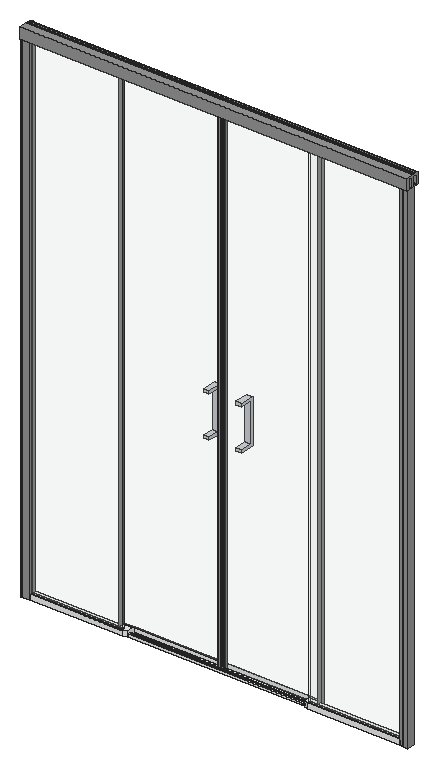
Revit family "GR2013027 ZENTRAL MAMPARA DE VIDRIO", category Plumbing Fixtures, Revit 2017
Family settings
  Round Connector Dimension = Use Diameter
  Part Type = Normal
  OmniClass Number = 23.45.00.00
  OmniClass Title = Sanitary, Laundry, and Cleaning Equipment
  Work Plane-Based = No
  Always vertical = Yes
  Cut with Voids When Loaded = No
  Shared = No
  Room Calculation Point = No
Parameters (values of type "140x185")
  Youtube clip = "http://www.duscholux.es/servicios_videos.php"
  Width = 1400 mm
  Weight Net (Kg) = 44.7
  Uniformat II Description = ""
  Uniformat II Code = ""
  Uniclass 2015 Name = ""
  Uniclass 2015 Code = ""
  Uniclass 2.0 Description = ""
  Uniclass 2.0 Code = ""
  Uniclass 1.4 Description = ""
  Uniclass 1.4 Code = ""
  URL = "http://www.duscholux.es/"
  UNSPSC Code = ""
  Thickness Safety Glass Sliding = 5 mm  # constant formula
  Thickness Safety Glass Fixed Panel = 8 mm  # constant formula
  Technical description = "http://www.duscholux.es/media/pdf/mamparas/KAW.pdf"
  Sliding Door Width = (Min Max Width / 4) + 5.6 mm  # 355.6 mm
  Series = "DuschoGravity"
  Region South America = "All"
  Region Oceania = "All"
  Region North America = "All"
  Region Middle East = "All"
  Region Europe = "All"
  Region Asia = "All"
  Region Antarctica = "All"
  Region Africa = "All"
  Ref. = "KAW"
  QR code = "http://bimobject.com/duscholux/product/DUSCHOGRAVITY_2FIJOS_2PUERTAS_BANERA"
  Products = "http://www.duscholux.es/producto_mamparas.php?g=6"
  Product url = "http://www.duscholux.es/producto_mamparas_detalle.php?g=6&p=&t=&pid=KAW"
  Product group = "Duscho Gravity"
  Product family = "Shower enclosure"
  Product data url = "https://bimobject.com/duscholux/product/DUSCHOGRAVITY_2FIJOS_2PUERTAS_BANERA"
  Product certification = "http://www.duscholux.es/empresa_certificaciones.php"
  Product SKU = "DUSCHOGRAVITY_2FIJOS_2PUERTAS_BANERA"
  Product Guid = "0aaea0e6-c2a2-40d4-bf91-71c394719ea9"
  Optional = "Towel rail / Shelf"
  Opening System Image = "http://www.duscholux.es/ventanaswf.php?f=tipos/CO1"
  Opening System = "Sliding"
  Opening Percentage = 0
  Opening Door = ((Min Max Width / 4) - 110 mm) * Opening Percentage / 100  # 0 mm
  OmniClass Description = ""
  OmniClass Code = ""
  Nominal width = 0
  Nominal height = 1600
  NBS Reference Description = ""
  NBS Reference Code = ""
  Model = ""
  Min Max Width = if(Width < 1160 mm, 1160 mm, if(Width > 2000 mm, 2000 mm, Width))  # 1400 mm
  Max Height = 2000 mm  # constant formula
  Material secondary = "Aluminium"
  Material main = "Glass"
  Masterformat 2014 Description = ""
  Masterformat 2014 Code = ""
  Manufacturer name = "Duscholux"
  Manufacturer country = "Spain"
  Maintenance and Cleaning = "http://www.duscholux.es/servicios_mantenimiento.php?l=en"
  Installation instructions = "https://"
  Image = "http://www.duscholux.es/media/image/mamparas/g/KAW.jpg"
  IFC Classification = ""
  Height = 1850 mm
  Handle Material = Chrome_Finish
  Handle Height = 800 mm
  Glass in Building UNE EN 12150 = "CE Conformity marking"
  Glass Material = Glass_Material-Duscholux
  Frame Material = Platinum Aluminium Finish
  Fact sheet = "http://www.duscholux.es/media/pdf/mamparas/KAW.pdf"
  Manufacturer = "Duscholux Ibérica, S.A."
  Environmental Management ISO 14001 = "ECOEMBES Certificate"
  Edition number = 1
  EAN code = ""
  Design country = ""
  Description = "2 fixed segments + slider twin doors for bath"
  Date of publishing = ""
  COBIe Type Category = ""
  Brand url = "http://www.duscholux.es/index.php"
  BIMobject category = "Shower screens"
  Assembly Code = "C1030200"
  Configuration enclosure = "http://configuratumampara.duscholux.es/eCatalogo.aspx"
  Components = "Eropean components"
  Type Comments = ""
  Combinations = "Lateral 90°"
  Certified Quality UNE EN 14428 = "http://www.duscholux.es/empresa_certificaciones.php?l=en&c=1"
  Certified Quality TÜV Certification = "http://www.duscholux.es/empresa_certificaciones.php?l=en&c=2"
  Bath Height = 0 mm
  Anti-Lime Treatment = "FeelNet 3D Included"
  Accesories Material = Chrome_Finish
Types (6, lengths in mm): name | Width | Sliding Door Width | Min Max Width
  (no name) | 1400 | 355.6 | 1400
  140x185 | 1400 | 355.6 | 1400
  150x185 | 1500 | 380.6 | 1500
  160x185 | 1600 | 405.6 | 1600
  170x185 | 1700 | 430.6 | 1700
  180x185 | 1800 | 455.6 | 1800
Reference planes
  plane 1 "Centro (Frontal/Posterior)": y = 0
  plane 2: z = 0
  plane 3 "Centro (Izquierda/Derecha)": x = 0
  plane 4: y = 4
  plane 5: y = -4
  plane 6: z = 1809.85
  plane 7: z = 1850
  plane 8: x = 350
  plane 9: x = 9
  plane 10: z = 1835
  plane 11: y = 23.487
  plane 12: z = 800
  plane 13: x = 364
  plane 14: x = 336
  plane 15: x = 700
  plane 16: x = 1400
  plane 17: x = 1050
  plane 18: x = 1064
  plane 19: x = 1036
  plane 20: y = 23.487
  plane 21: x = 708.4
  plane 22: x = 691.6
  plane 23: x = 489
  plane 24: z = 0
  plane 25: z = 3.2
  plane 26: z = 1.9
Forms (mm)
  Extrusion 1, solid, material "Platinum Aluminium Finish" <- "Frame Material"
    sketch origin (0, 0, 0) x (1, 0, 0) y (0, 1, 0)
      loop
        line (0, -10.5) -> (30, -10.5) -> (30, -4.3) -> (19.35, -4.3) -> (19.35, -9) -> (1.5, -9) -> (1.5, 0) -> (1.5, 13.2) -> (19.35, 13.2) -> (19.35, 4.3) -> (30, 4.3) -> (30, 14.7) -> (0, 14.7) -> (0, -10.5)
    from 0 to 1809.85
  Extrusion 2, solid, material "Platinum Aluminium Finish" <- "Frame Material"
    sketch origin (0, 0, 0) x (0, 1, 0) y (0, 0, 1)
      loop
        arc (33.069, 1847) -> (32.191, 1849.121) -> (30.069, 1850) r 3
        line (30.069, 1850) -> (21.519, 1850) -> (21.519, 1847.261) -> (12.519, 1847.261) -> (12.519, 1850) -> (-16, 1850) -> (-16, 1809.85) -> (-6.5, 1809.85) -> (-6.5, 1844) -> (0, 1844) -> (6.5, 1844) -> (6.5, 1809.85) -> (18.5, 1809.85) -> (18.5, 1813.85) -> (9.5, 1813.85) -> (9.5, 1845.261) -> (23.519, 1845.261) -> (23.519, 1848.011) -> (31.069, 1848.011) -> (31.069, 1811.861) -> (29.669, 1811.861) -> (29.669, 1809.861) -> (33.069, 1809.861) -> (33.069, 1847)
      loop
        line (-13, 1841.05) -> (-13, 1813.879) -> (-9.5, 1813.879) -> (-9.5, 1841.05) -> (-13, 1841.05)
    from 0 to 1400
  Extrusion 3, solid, material "Glass_Material-Duscholux" <- "Glass Material"
    sketch origin (0, 0, 0) x (1, 0, 0) y (0, 1, 0)
      loop
        line (9, 4) -> (9, -4) -> (364, -4) -> (364, 4) -> (9, 4)
    from 1.9 to 1835
  Extrusion 4, solid, material "Chrome_Finish" <- "Accesories Material"
    sketch origin (-44.392, 49.436, 0) x (1, 0, 0) y (0, 1, 0)
      loop
        line (388.392, -57.436) -> (410.392, -57.436) -> (423.392, -53.436) -> (423.392, -18.436) -> (388.392, -18.436) -> (388.392, -57.436)
    from 0 to 18
  Extrusion 5, void
    sketch origin (0, 0, 0) x (1, 0, 0) y (0, 1, 0)
      loop
        line (30, 4) -> (30, -4) -> (364, -4) -> (364, 4) -> (30, 4)
    from 1.9 to 18
  Extrusion 6, solid, material "Glass_Material-Duscholux" <- "Glass Material"
    sketch origin (41.512, 0, 0) x (1, 0, 0) y (0, 1, 0)
      loop
        line (650.088, 25.987) -> (294.488, 25.987) -> (294.488, 20.987) -> (650.088, 20.987) -> (650.088, 25.987)
    from 3.2 to 1835
  Extrusion 7, solid, material "Chrome_Finish" <- "Accesories Material"
    sketch origin (0, -88.4, 450) x (0, 1, 0) y (0, 0, 1)
      loop
        line (86, -450) -> (96, -450) -> (96, -442.45)
        arc (96, -442.45) -> (95.282, -440.718) -> (93.55, -440) r 2.45
        line (93.55, -440) -> (91, -440) -> (88.45, -440)
        arc (88.45, -440) -> (86.718, -440.718) -> (86, -442.45) r 2.45
        line (86, -442.45) -> (86, -450)
    from 379 to 1021
  Extrusion 8, solid, material "Plástico, transparente", detail levels fine
    sketch origin (-2.798, 0, 0) x (1, 0, 0) y (0, 1, 0)
      loop
        line (343.798, 26.237) -> (343.798, 27.487) -> (337.498, 27.487) -> (337.498, 19.487) -> (342.798, 19.487) -> (342.798, 5.757) -> (343.798, 5.757) -> (343.798, 20.757) -> (338.798, 20.757) -> (338.798, 26.237) -> (343.798, 26.237)
    from 0 to 1835
  Extrusion 9, solid, not visible
    sketch origin (62.199, -0.034, 0) x (1, 0, 0) y (0, 1, 0)
      loop
        line (752.972, 27.547) -> (749, 27.019)
        arc (749, 27.019) -> (748.57, 26.458) -> (749.132, 26.028) r 0.5
        line (749.132, 26.028) -> (753.6, 26.622) -> (753.6, 23.522) -> (753.6, 20.422) -> (749.132, 21.016)
        arc (749.132, 21.016) -> (748.57, 20.586) -> (749, 20.025) r 0.5
        line (749, 20.025) -> (752.972, 19.497)
        arc (752.972, 19.497) -> (756.439, 17.322) -> (760.531, 17.291) r 7.498
        arc (760.531, 17.291) -> (761.591, 18.007) -> (762, 19.219) r 2
        line (762, 19.219) -> (762, 23.522) -> (762, 27.825)
        arc (762, 27.825) -> (761.591, 29.037) -> (760.531, 29.753) r 2
        arc (760.531, 29.753) -> (756.439, 29.722) -> (752.972, 27.547) r 7.498
    from 0 to 1876.165
  Extrusion 10, solid, material "Platinum Aluminium Finish" <- "Frame Material"
    sketch origin (2800, 0, 0) x (-1, 0, 0) y (0, -1, 0)
      loop
        line (1400, 10.5) -> (1400, -14.7) -> (1430, -14.7) -> (1430, -4.3) -> (1419.35, -4.3) -> (1419.35, -13.2) -> (1401.5, -13.2) -> (1401.5, 0) -> (1401.5, 9) -> (1419.35, 9) -> (1419.35, 4.3) -> (1430, 4.3) -> (1430, 10.5) -> (1400, 10.5)
    from 0 to 1809.85
  Extrusion 11, solid, material "Glass_Material-Duscholux" <- "Glass Material"
    sketch origin (2800, 0, 0) x (-1, 0, 0) y (0, -1, 0)
      loop
        line (1409, -4) -> (1764, -4) -> (1764, 4) -> (1409, 4) -> (1409, -4)
    from 1.9 to 1835
  Extrusion 12, solid, material "Chrome_Finish" <- "Accesories Material"
    sketch origin (2844.392, 49.436, 0) x (-1, 0, 0) y (0, -1, 0)
      loop
        line (1788.392, 57.436) -> (1788.392, 18.436) -> (1823.392, 18.436) -> (1823.392, 53.436) -> (1810.392, 57.436) -> (1788.392, 57.436)
    from 0 to 18
  Extrusion 13, void
    sketch origin (2800, 0, 0) x (-1, 0, 0) y (0, -1, 0)
      loop
        line (1744, -4) -> (1764, -4) -> (1764, 4) -> (1744, 4) -> (1744, -4)
    from 1.9 to 18
  Extrusion 14, void
    sketch origin (2800, 0, 0) x (-1, 0, 0) y (0, -1, 0)
      loop
        line (1744, -27.487) -> (2456, -27.487) -> (2456, -19.487) -> (1744, -19.487) -> (1744, -27.487)
    from 1.9 to 18
  Extrusion 15, solid, material "Plástico, transparente", detail levels fine
    sketch origin (2802.798, 0, 0) x (-1, 0, 0) y (0, -1, 0)
      loop
        line (1743.798, -26.237) -> (1738.798, -26.237) -> (1738.798, -20.757) -> (1743.798, -20.757) -> (1743.798, -5.757) -> (1742.798, -5.757) -> (1742.798, -19.487) -> (1737.498, -19.487) -> (1737.498, -27.487) -> (1743.798, -27.487) -> (1743.798, -26.237)
    from 1.9 to 1835
  Extrusion 16, solid, material "Glass_Material-Duscholux" <- "Glass Material"
    sketch origin (2717.039, 0, 0) x (-1, 0, 0) y (0, -1, 0)
      loop
        line (2008.639, -25.987) -> (2008.639, -20.987) -> (1653.039, -20.987) -> (1653.039, -25.987) -> (2008.639, -25.987)
    from 3.2 to 1835
  Extrusion 17, solid, not visible
    sketch origin (-972.436, 0, 0) x (1, 0, 0) y (0, 1, 0)
      loop
        arc (1881.464, 27.512) -> (1877.997, 29.688) -> (1873.905, 29.719) r 7.498
        arc (1873.905, 29.719) -> (1872.845, 29.002) -> (1872.436, 27.79) r 2
        line (1872.436, 27.79) -> (1872.436, 23.487) -> (1872.436, 19.184)
        arc (1872.436, 19.184) -> (1872.845, 17.972) -> (1873.905, 17.256) r 2
        arc (1873.905, 17.256) -> (1877.997, 17.287) -> (1881.464, 19.462) r 7.498
        line (1881.464, 19.462) -> (1885.436, 19.99)
        arc (1885.436, 19.99) -> (1885.866, 20.552) -> (1885.304, 20.981) r 0.5
        line (1885.304, 20.981) -> (1880.836, 20.388) -> (1880.836, 23.487) -> (1880.836, 26.587) -> (1885.304, 25.993)
        arc (1885.304, 25.993) -> (1885.866, 26.423) -> (1885.436, 26.985) r 0.5
        line (1885.436, 26.985) -> (1881.464, 27.512)
    from 0 to 1985
  Extrusion 18, solid, not visible
    sketch origin (13.1, 0, -200) x (1, 0, 0) y (0, 1, 0)
      loop
        arc (767.428, 27.512) -> (763.961, 29.688) -> (759.869, 29.719) r 7.498
        arc (759.869, 29.719) -> (758.809, 29.002) -> (758.4, 27.79) r 2
        line (758.4, 27.79) -> (758.4, 19.184)
        arc (758.4, 19.184) -> (758.809, 17.972) -> (759.869, 17.256) r 2
        arc (759.869, 17.256) -> (763.961, 17.287) -> (767.428, 19.462) r 7.498
        line (767.428, 19.462) -> (771.4, 19.99)
        arc (771.4, 19.99) -> (771.83, 20.552) -> (771.268, 20.981) r 0.5
        line (771.268, 20.981) -> (766.8, 20.388) -> (766.8, 23.487) -> (766.8, 26.587) -> (771.268, 25.993)
        arc (771.268, 25.993) -> (771.83, 26.423) -> (771.4, 26.985) r 0.5
        line (771.4, 26.985) -> (767.428, 27.512)
    from 0 to 1785
  Extrusion 19, solid, material "Platinum Aluminium Finish" <- "Frame Material", not visible
    sketch origin (1965, 0.035, 0) x (-1, 0, 0) y (0, -1, 0)
      loop
        line (1224.028, -27.478) -> (1228, -26.95)
        arc (1228, -26.95) -> (1228.43, -26.388) -> (1227.868, -25.959) r 0.5
        line (1227.868, -25.959) -> (1223.4, -26.552) -> (1223.4, -23.453) -> (1223.4, -20.353) -> (1227.868, -20.947)
        arc (1227.868, -20.947) -> (1228.43, -20.517) -> (1228, -19.956) r 0.5
        line (1228, -19.956) -> (1224.028, -19.428)
        arc (1224.028, -19.428) -> (1220.561, -17.253) -> (1216.469, -17.222) r 7.498
        arc (1216.469, -17.222) -> (1215.409, -17.938) -> (1215, -19.15) r 2
        line (1215, -19.15) -> (1215, -23.452) -> (1215, -27.756)
        arc (1215, -27.756) -> (1215.409, -28.968) -> (1216.469, -29.684) r 2
        arc (1216.469, -29.684) -> (1220.561, -29.653) -> (1224.028, -27.478) r 7.498
    from 0 to 1985
  Extrusion 20, solid, material "Platinum Aluminium Finish" <- "Frame Material"
    sketch origin (1500, 0, 0) x (0, 1, 0) y (0, 0, -1)
      loop
        line (33.069, -1847) -> (33.069, -1809.861) -> (29.669, -1809.861) -> (29.669, -1811.861) -> (31.069, -1811.861) -> (31.069, -1848.011) -> (23.519, -1848.011) -> (23.519, -1845.261) -> (9.5, -1845.261) -> (9.5, -1813.85) -> (18.5, -1813.85) -> (18.5, -1809.85) -> (6.5, -1809.85) -> (6.5, -1844) -> (0, -1844) -> (-6.5, -1844) -> (-6.5, -1809.85) -> (-16, -1809.85) -> (-16, -1850) -> (12.519, -1850) -> (12.519, -1847.261) -> (21.519, -1847.261) -> (21.519, -1850) -> (30.069, -1850)
        arc (30.069, -1850) -> (32.191, -1849.121) -> (33.069, -1847) r 3
      loop
        line (-13, -1841.05) -> (-9.5, -1841.05) -> (-9.5, -1813.879) -> (-13, -1813.879) -> (-13, -1841.05)
    from 100 to 1500
  Extrusion 21, solid, not visible
    sketch origin (-21.455, 62.453, 0) x (1, 0, 0) y (0, 1, 0)
      loop
        arc (780.483, -34.94) -> (777.016, -32.765) -> (772.924, -32.734) r 7.498
        arc (772.924, -32.734) -> (771.864, -33.45) -> (771.455, -34.662) r 2
        line (771.455, -34.662) -> (771.455, -38.966) -> (771.455, -43.268)
        arc (771.455, -43.268) -> (771.864, -44.48) -> (772.924, -45.197) r 2
        arc (772.924, -45.197) -> (777.016, -45.166) -> (780.483, -42.99) r 7.498
        line (780.483, -42.99) -> (784.455, -42.463)
        arc (784.455, -42.463) -> (784.885, -41.901) -> (784.323, -41.471) r 0.5
        line (784.323, -41.471) -> (779.855, -42.065) -> (779.855, -38.965) -> (779.855, -35.866) -> (784.323, -36.459)
        arc (784.323, -36.459) -> (784.885, -36.03) -> (784.455, -35.468) r 0.5
        line (784.455, -35.468) -> (780.483, -34.94)
    from 0 to 1785
  Extrusion 22, solid, not visible
    sketch origin (-58.088, 62.453, 0) x (1, 0, 0) y (0, 1, 0)
      loop
        line (749.177, -34.94) -> (745.205, -35.468)
        arc (745.205, -35.468) -> (744.775, -36.03) -> (745.337, -36.459) r 0.5
        line (745.337, -36.459) -> (749.805, -35.866) -> (749.805, -38.965) -> (749.805, -42.065) -> (745.337, -41.471)
        arc (745.337, -41.471) -> (744.775, -41.901) -> (745.205, -42.463) r 0.5
        line (745.205, -42.463) -> (749.177, -42.99)
        arc (749.177, -42.99) -> (752.644, -45.166) -> (756.736, -45.197) r 7.498
        arc (756.736, -45.197) -> (757.796, -44.48) -> (758.205, -43.268) r 2
        line (758.205, -43.268) -> (758.205, -38.966) -> (758.205, -34.662)
        arc (758.205, -34.662) -> (757.796, -33.45) -> (756.736, -32.734) r 2
        arc (756.736, -32.734) -> (752.644, -32.765) -> (749.177, -34.94) r 7.498
    from 0 to 1785
  Extrusion 23, solid, material "Platinum Aluminium Finish" <- "Frame Material"
    sketch origin (1548.077, 62.453, 0) x (-1, 0, 0) y (0, -1, 0)
      loop
        arc (839.049, 34.94) -> (842.515, 32.765) -> (846.608, 32.734) r 7.498
        arc (846.608, 32.734) -> (847.668, 33.45) -> (848.077, 34.662) r 2
        line (848.077, 34.662) -> (848.077, 38.966) -> (848.077, 43.268)
        arc (848.077, 43.268) -> (847.668, 44.48) -> (846.608, 45.197) r 2
        arc (846.608, 45.197) -> (842.515, 45.166) -> (839.049, 42.99) r 7.498
        line (839.049, 42.99) -> (835.077, 42.463)
        arc (835.077, 42.463) -> (834.647, 41.901) -> (835.208, 41.471) r 0.5
        line (835.208, 41.471) -> (839.677, 42.065) -> (839.677, 38.965) -> (839.677, 35.866) -> (835.208, 36.459)
        arc (835.208, 36.459) -> (834.647, 36.03) -> (835.077, 35.468) r 0.5
        line (835.077, 35.468) -> (839.049, 34.94)
    from 3.2 to 1835
  Extrusion 24, solid, not visible
    sketch origin (1538.336, 62.453, 0) x (-1, 0, 0) y (0, -1, 0)
      loop
        arc (764.308, 34.94) -> (767.775, 32.765) -> (771.867, 32.734) r 7.498
        arc (771.867, 32.734) -> (772.927, 33.45) -> (773.336, 34.662) r 2
        line (773.336, 34.662) -> (773.336, 38.966) -> (773.336, 43.268)
        arc (773.336, 43.268) -> (772.927, 44.48) -> (771.867, 45.197) r 2
        arc (771.867, 45.197) -> (767.775, 45.166) -> (764.308, 42.99) r 7.498
        line (764.308, 42.99) -> (760.336, 42.463)
        arc (760.336, 42.463) -> (759.906, 41.901) -> (760.468, 41.471) r 0.5
        line (760.468, 41.471) -> (764.936, 42.065) -> (764.936, 38.965) -> (764.936, 35.866) -> (760.468, 36.459)
        arc (760.468, 36.459) -> (759.906, 36.03) -> (760.336, 35.468) r 0.5
        line (760.336, 35.468) -> (764.308, 34.94)
    from 3.238 to 1785
  Extrusion 25, solid, material "Platinum Aluminium Finish" <- "Frame Material"
    sketch origin (-28.077, 62.453, 0) x (1, 0, 0) y (0, 1, 0)
      loop
        line (719.049, -34.94) -> (715.077, -35.468)
        arc (715.077, -35.468) -> (714.647, -36.03) -> (715.208, -36.459) r 0.5
        line (715.208, -36.459) -> (719.677, -35.866) -> (719.677, -38.965) -> (719.677, -42.065) -> (715.208, -41.471)
        arc (715.208, -41.471) -> (714.647, -41.901) -> (715.077, -42.463) r 0.5
        line (715.077, -42.463) -> (719.049, -42.99)
        arc (719.049, -42.99) -> (722.515, -45.166) -> (726.608, -45.197) r 7.498
        arc (726.608, -45.197) -> (727.668, -44.48) -> (728.077, -43.268) r 2
        line (728.077, -43.268) -> (728.077, -38.966) -> (728.077, -34.662)
        arc (728.077, -34.662) -> (727.668, -33.45) -> (726.608, -32.734) r 2
        arc (726.608, -32.734) -> (722.515, -32.765) -> (719.049, -34.94) r 7.498
    from 3.2 to 1835
  Extrusion 26, solid, not visible
    sketch origin (-28.077, 62.453, 0) x (1, 0, 0) y (0, 1, 0)
      loop
        line (732.049, -34.94) -> (728.077, -35.468)
        arc (728.077, -35.468) -> (727.647, -36.03) -> (728.208, -36.459) r 0.5
        line (728.208, -36.459) -> (732.677, -35.866) -> (732.677, -38.965) -> (732.677, -42.065) -> (728.208, -41.471)
        arc (728.208, -41.471) -> (727.647, -41.901) -> (728.077, -42.463) r 0.5
        line (728.077, -42.463) -> (732.049, -42.99)
        arc (732.049, -42.99) -> (735.515, -45.166) -> (739.608, -45.197) r 7.498
        arc (739.608, -45.197) -> (740.668, -44.48) -> (741.077, -43.268) r 2
        line (741.077, -43.268) -> (741.077, -38.966) -> (741.077, -34.662)
        arc (741.077, -34.662) -> (740.668, -33.45) -> (739.608, -32.734) r 2
        arc (739.608, -32.734) -> (735.515, -32.765) -> (732.049, -34.94) r 7.498
    from 3.238 to 1785
  Extrusion 27, void
    sketch origin (0, 0, 0) x (0, 1, 0) y (0, 0, 1)
      loop
        line (31, 18) -> (27.487, 18) -> (27.487, 17.134) -> (31, 15.421) -> (31, 18)
    from 344 to 1056
  Extrusion 28, void
    sketch origin (0, 0, 0) x (0, 1, 0) y (0, 0, 1)
      loop
        line (31, 18) -> (27.487, 18) -> (27.487, 17.146) -> (31, 15.421) -> (31, 18)
    from 344 to 379
  Extrusion 29, solid, material "Chrome_Finish" <- "Accesories Material"
    sketch origin (2888.692, 49.436, 0) x (-1, 0, 0) y (0, -1, 0)
      loop
        line (1518.742, 57.436) -> (1518.742, 34.736) -> (1832.692, 34.736) -> (1832.692, 57.436) -> (1518.742, 57.436)
    from 0 to 18
  Extrusion 30, void
    sketch origin (2855, 0, 0) x (-1, 0, 0) y (0, -1, 0)
      loop
        line (1485, -4) -> (1819, -4) -> (1819, 4) -> (1485, 4) -> (1485, -4)
    from 1.9 to 18
  Extrusion 31, solid, material "Chrome_Finish" <- "Accesories Material"
    sketch origin (-1488.692, 49.436, 0) x (1, 0, 0) y (0, 1, 0)
      loop
        line (1518.742, -57.436) -> (1832.692, -57.436) -> (1832.692, -34.736) -> (1518.742, -34.736) -> (1518.742, -57.436)
    from 0 to 18
  Extrusion 32, solid, material "Chrome_Finish" <- "Accesories Material"
    sketch origin (2809.392, 49.436, 0) x (-1, 0, 0) y (0, -1, 0)
      loop
        line (1788.392, 28.449) -> (1788.392, 18.436) -> (2430.392, 18.436) -> (2430.392, 28.449) -> (1788.392, 28.449)
    from 0 to 18
Cuts and joins
  Extrusion 5, Extrusion 13 cuts Extrusion 3
  Extrusion 5, Extrusion 13, Extrusion 14, Extrusion 28 cuts Extrusion 4
  Extrusion 5 cuts Extrusion 31
  joined: Extrusion 4, Extrusion 31
  Extrusion 13, Extrusion 14, Extrusion 27, Extrusion 30 cuts Extrusion 12
  Extrusion 30 cuts Extrusion 29
  Extrusion 14, Extrusion 27 cuts Extrusion 32
  joined: Extrusion 12, Extrusion 29, Extrusion 32
  Extrusion 14 cuts Extrusion 6
  Extrusion 30 cuts Extrusion 11
Dimensions and locks
  equal spacing: plane 4, plane 1 "Centro (Frontal/Posterior)", plane 5
  "Thickness Safety Glass Fixed Panel": plane 4 to plane 5
  locked: plane 7 to plane 6 at 40.15
  locked: plane 7 to plane 10 at 15
  "Handle Height": plane 12 to level
  locked: plane 8 to plane 13 at 14
  locked: plane 8 to cut or joined group of Extrusion 4, Extrusion 5, Extrusion 13, Extrusion 14, Extrusion 28, Extrusion 31 at 29
  locked: cut or joined group of Extrusion 4, Extrusion 5, Extrusion 13, Extrusion 14, Extrusion 28, Extrusion 31 to plane 8 at 6
  locked: Extrusion 8 to Extrusion 8 at 1.3
  locked: Extrusion 8 to Extrusion 8 at 1
  locked: Extrusion 8 to Extrusion 8 at 6.3
  equal spacing: plane 3 "Centro (Izquierda/Derecha)", plane 8, plane 15, plane 17, plane 16
  locked: Extrusion 15 to Extrusion 15 at 1.3
  locked: Extrusion 15 to Extrusion 15 at 1
  locked: Extrusion 15 to Extrusion 15 at 6.3
  locked: cut or joined group of Extrusion 12, Extrusion 13, Extrusion 14, Extrusion 27, Extrusion 29, Extrusion 30, Extrusion 32 to plane 17 at 29
  locked: plane 17 to cut or joined group of Extrusion 12, Extrusion 13, Extrusion 14, Extrusion 27, Extrusion 29, Extrusion 30, Extrusion 32 at 6
  locked: plane 14 to plane 8 at 14
  locked: plane 17 to plane 18 at 14
  locked: plane 19 to plane 17 at 14
  "Sliding Door Width": Extrusion 16 to Extrusion 16
  "Sliding Door Width": cut or joined group of Extrusion 6, Extrusion 14 to cut or joined group of Extrusion 6, Extrusion 14
  locked: plane 15 to plane 21 at 8.4
  locked: plane 22 to plane 15 at 8.4
  "Opening Door": cut or joined group of Extrusion 6, Extrusion 14 to plane 22
  locked: nested 1 to cut or joined group of Extrusion 6, Extrusion 14 at 50
  locked: Extrusion 16 to nested 2 at 50
  "Opening Door": plane 21 to Extrusion 16
  "Thickness Safety Glass Sliding": Extrusion 16 to Extrusion 16
  "Thickness Safety Glass Sliding": cut or joined group of Extrusion 6, Extrusion 14 to cut or joined group of Extrusion 6, Extrusion 14
  "Min Max Width": plane 3 "Centro (Izquierda/Derecha)" to plane 16
  "Bath Height": plane 24 to plane 2
  locked: plane 25 to plane 24 at 3.2
  locked: cut or joined group of Extrusion 12, Extrusion 13, Extrusion 14, Extrusion 27, Extrusion 29, Extrusion 30, Extrusion 32 to plane 24 at 18
  locked: plane 26 to plane 24 at 1.9
  locked: cut or joined group of Extrusion 4, Extrusion 5, Extrusion 13, Extrusion 14, Extrusion 28, Extrusion 31 to plane 24 at 18
  "Height": plane 7 to plane 24
  aligned and locked: level to plane 2
  aligned and locked: plane 7 to Extrusion 2
  aligned and locked: Extrusion 2 to plane 6
  aligned and locked: Extrusion 1 to Extrusion 2
  aligned and locked: Extrusion 3 sketch curve to plane 4
  aligned and locked: plane 9 to Extrusion 3 sketch curve
  aligned and locked: plane 5 to Extrusion 3 sketch curve
  aligned and locked: plane 10 to Extrusion 3
  aligned and locked: Extrusion 5 sketch curve to Extrusion 3
  aligned and locked: Extrusion 7 to cut or joined group of Extrusion 4, Extrusion 5, Extrusion 13, Extrusion 14, Extrusion 28, Extrusion 31
  aligned and locked: plane 12 to nested 1
  aligned and locked: plane 13 to cut or joined group of Extrusion 3, Extrusion 5, Extrusion 13
  aligned and locked: Extrusion 8 to Extrusion 8
  aligned and locked: Extrusion 8 to Extrusion 6  (x2)
  aligned and locked: plane 10 to Extrusion 6
  aligned and locked: Extrusion 12 to Extrusion 13 sketch curve
  aligned and locked: Extrusion 15 to Extrusion 15
  aligned and locked: Extrusion 7 to cut or joined group of Extrusion 12, Extrusion 13, Extrusion 14, Extrusion 27, Extrusion 29, Extrusion 30, Extrusion 32
  aligned and locked: Extrusion 2 to plane 16
  aligned and locked: Extrusion 15 to Extrusion 16  (x2)
  aligned and locked: plane 10 to Extrusion 11
  aligned and locked: plane 10 to Extrusion 16
  aligned and locked: nested 2 to plane 12
  aligned and locked: Extrusion 23 to Extrusion 16  (x3)
  aligned and locked: Extrusion 25 to cut or joined group of Extrusion 6, Extrusion 14
  aligned and locked: cut or joined group of Extrusion 6, Extrusion 14 to Extrusion 25  (x2)
  aligned and locked: Extrusion 20 to plane 16
  aligned and locked: Extrusion 1 to plane 24
  aligned and locked: Extrusion 10 to plane 24
  aligned and locked: Extrusion 16 to plane 25
  aligned and locked: cut or joined group of Extrusion 6, Extrusion 14 to plane 25
  aligned and locked: Extrusion 12 to plane 24
  aligned and locked: cut or joined group of Extrusion 12, Extrusion 13, Extrusion 14, Extrusion 27, Extrusion 29, Extrusion 30, Extrusion 32 to Extrusion 14
  aligned and locked: cut or joined group of Extrusion 12, Extrusion 13, Extrusion 14, Extrusion 27, Extrusion 29, Extrusion 30, Extrusion 32 to Extrusion 13
  aligned and locked: Extrusion 4 to plane 24
  aligned and locked: cut or joined group of Extrusion 3, Extrusion 5, Extrusion 13 to plane 26
  aligned and locked: Extrusion 13 to plane 26
  aligned and locked: Extrusion 14 to Extrusion 13
  aligned and locked: Extrusion 11 to plane 26
  aligned and locked: Extrusion 7 to plane 24
  aligned and locked: Extrusion 27 to cut or joined group of Extrusion 12, Extrusion 13, Extrusion 14, Extrusion 27, Extrusion 29, Extrusion 30, Extrusion 32
  aligned and locked: Extrusion 28 to cut or joined group of Extrusion 4, Extrusion 5, Extrusion 13, Extrusion 14, Extrusion 28, Extrusion 31
  aligned and locked: cut or joined group of Extrusion 4, Extrusion 5, Extrusion 13, Extrusion 14, Extrusion 28, Extrusion 31 to Extrusion 28
  aligned and locked: Extrusion 15 to plane 26
  aligned and locked: Extrusion 10 to Extrusion 2
  aligned and locked: cut or joined group of Extrusion 4, Extrusion 5, Extrusion 13, Extrusion 14, Extrusion 28, Extrusion 31 to Extrusion 8
  aligned and locked: Extrusion 32 to cut or joined group of Extrusion 4, Extrusion 5, Extrusion 13, Extrusion 14, Extrusion 28, Extrusion 31
  aligned and locked: cut or joined group of Extrusion 4, Extrusion 5, Extrusion 13, Extrusion 14, Extrusion 28, Extrusion 31 to Extrusion 27
  aligned and locked: Extrusion 4 to Extrusion 14
  aligned and locked: Extrusion 5 to Extrusion 1
Automatic sketch dimensions
  Extrusion 9 sketch curve to Extrusion 9 sketch curve = 0 mm  (x2)
  Extrusion 9 sketch curve to Extrusion 9 sketch curve = 0.066 mm  (x4)
  Extrusion 9 sketch curve to Extrusion 9 sketch curve = 3.972 mm  (x2)
  Extrusion 9 sketch curve to Extrusion 9 sketch curve = 0.628 mm
  Extrusion 9 sketch curve to Extrusion 9 sketch curve = 4.94 mm
  Extrusion 9 sketch curve to Extrusion 9 sketch curve = 1.46 mm  (x2)
  Extrusion 9 sketch curve to Extrusion 9 sketch curve = 3.46 mm
  Extrusion 9 sketch curve to Extrusion 9 sketch curve = 0.496 mm  (x2)
  Extrusion 9 sketch curve to Extrusion 9 sketch curve = 0.925 mm  (x2)
  Extrusion 9 sketch curve to Extrusion 9 sketch curve = 3.305 mm  (x2)
  Extrusion 9 sketch curve to Extrusion 9 sketch curve = 3.1 mm  (x2)
  Extrusion 9 sketch curve to Extrusion 9 sketch curve = 3.027 mm
  Extrusion 9 sketch curve to Extrusion 9 sketch curve = 0.528 mm
  Extrusion 9 sketch curve to Extrusion 9 sketch curve = 0.997 mm
  Extrusion 9 sketch curve to Extrusion 9 sketch curve = 1.995 mm
  Extrusion 9 sketch curve to Extrusion 9 sketch curve = 1.519 mm
  Extrusion 17 sketch curve to Extrusion 17 sketch curve = 0 mm
  Extrusion 17 sketch curve to Extrusion 17 sketch curve = 4.94 mm
  Extrusion 17 sketch curve to Extrusion 17 sketch curve = 0.628 mm  (x2)
  Extrusion 17 sketch curve to Extrusion 17 sketch curve = 3.841 mm  (x2)
  Extrusion 17 sketch curve to Extrusion 17 sketch curve = 0.066 mm  (x4)
  Extrusion 17 sketch curve to Extrusion 17 sketch curve = 3.305 mm
  Extrusion 17 sketch curve to Extrusion 17 sketch curve = 0.925 mm  (x2)
  Extrusion 17 sketch curve to Extrusion 17 sketch curve = 2 mm  (x2)
  Extrusion 17 sketch curve to Extrusion 17 sketch curve = 3.46 mm
  Extrusion 17 sketch curve to Extrusion 17 sketch curve = 3.027 mm
  Extrusion 17 sketch curve to Extrusion 17 sketch curve = 0.528 mm
  Extrusion 17 sketch curve to Extrusion 17 sketch curve = 0.496 mm  (x2)
  Extrusion 17 sketch curve to Extrusion 17 sketch curve = 0.997 mm
  Extrusion 17 sketch curve to Extrusion 17 sketch curve = 3.1 mm  (x2)
  Extrusion 17 sketch curve to Extrusion 17 sketch curve = 1.995 mm
  Extrusion 17 sketch curve to Extrusion 17 sketch curve = 5.012 mm
  Extrusion 17 sketch curve to Extrusion 17 sketch curve = 4.303 mm
  Extrusion 18 sketch curve to Extrusion 18 sketch curve = 2 mm  (x2)
  Extrusion 18 sketch curve to Extrusion 18 sketch curve = 0 mm
  Extrusion 18 sketch curve to Extrusion 18 sketch curve = 4.94 mm
  Extrusion 18 sketch curve to Extrusion 18 sketch curve = 0.628 mm  (x2)
  Extrusion 18 sketch curve to Extrusion 18 sketch curve = 3.841 mm  (x2)
  Extrusion 18 sketch curve to Extrusion 18 sketch curve = 0.066 mm  (x4)
  Extrusion 18 sketch curve to Extrusion 18 sketch curve = 3.305 mm  (x2)
  Extrusion 18 sketch curve to Extrusion 18 sketch curve = 0.925 mm  (x2)
  Extrusion 18 sketch curve to Extrusion 18 sketch curve = 1.46 mm
  Extrusion 18 sketch curve to Extrusion 18 sketch curve = 3.027 mm
  Extrusion 18 sketch curve to Extrusion 18 sketch curve = 0.528 mm
  Extrusion 18 sketch curve to Extrusion 18 sketch curve = 0.496 mm  (x2)
  Extrusion 18 sketch curve to Extrusion 18 sketch curve = 3.1 mm  (x2)
  Extrusion 18 sketch curve to Extrusion 18 sketch curve = 1.995 mm
  Extrusion 18 sketch curve to Extrusion 18 sketch curve = 5.012 mm
  Extrusion 19 sketch curve to Extrusion 19 sketch curve = 0 mm  (x2)
  Extrusion 19 sketch curve to Extrusion 19 sketch curve = 0.066 mm  (x4)
  Extrusion 19 sketch curve to Extrusion 19 sketch curve = 3.972 mm  (x2)
  Extrusion 19 sketch curve to Extrusion 19 sketch curve = 0.628 mm
  Extrusion 19 sketch curve to Extrusion 19 sketch curve = 0.278 mm
  Extrusion 19 sketch curve to Extrusion 19 sketch curve = 0.528 mm
  Extrusion 19 sketch curve to Extrusion 19 sketch curve = 0.925 mm  (x2)
  Extrusion 19 sketch curve to Extrusion 19 sketch curve = 0.496 mm  (x2)
  Extrusion 19 sketch curve to Extrusion 19 sketch curve = 3.305 mm  (x2)
  Extrusion 19 sketch curve to Extrusion 19 sketch curve = 0.997 mm
  Extrusion 19 sketch curve to Extrusion 19 sketch curve = 3.1 mm  (x2)
  Extrusion 19 sketch curve to Extrusion 19 sketch curve = 1.995 mm
  Extrusion 19 sketch curve to Extrusion 19 sketch curve = 5.012 mm
  Extrusion 19 sketch curve to Extrusion 19 sketch curve = 4.94 mm
  Extrusion 19 sketch curve to Extrusion 19 sketch curve = 1.46 mm  (x2)
  Extrusion 19 sketch curve to Extrusion 19 sketch curve = 3.46 mm
  Extrusion 21 sketch curve to Extrusion 21 sketch curve = 2 mm  (x2)
  Extrusion 21 sketch curve to Extrusion 21 sketch curve = 3.46 mm
  Extrusion 21 sketch curve to Extrusion 21 sketch curve = 0 mm  (x3)
  Extrusion 21 sketch curve to Extrusion 21 sketch curve = 3.305 mm  (x2)
  Extrusion 21 sketch curve to Extrusion 21 sketch curve = 0.997 mm
  Extrusion 21 sketch curve to Extrusion 21 sketch curve = 1.995 mm
  Extrusion 21 sketch curve to Extrusion 21 sketch curve = 5.567 mm  (x2)
  Extrusion 21 sketch curve to Extrusion 21 sketch curve = 0.628 mm
  Extrusion 21 sketch curve to Extrusion 21 sketch curve = 4.025 mm
  Extrusion 21 sketch curve to Extrusion 21 sketch curve = 0.925 mm  (x2)
  Extrusion 21 sketch curve to Extrusion 21 sketch curve = 3.841 mm  (x2)
  Extrusion 21 sketch curve to Extrusion 21 sketch curve = 1.519 mm
  Extrusion 21 sketch curve to Extrusion 21 sketch curve = 0.132 mm
  Extrusion 21 sketch curve to Extrusion 21 sketch curve = 0.991 mm
  Extrusion 21 sketch curve to Extrusion 21 sketch curve = 0.066 mm  (x3)
  Extrusion 21 sketch curve to Extrusion 21 sketch curve = 1.023 mm
  Extrusion 21 sketch curve to Extrusion 21 sketch curve = 0.496 mm
  Extrusion 22 sketch curve to Extrusion 22 sketch curve = 2 mm  (x2)
  Extrusion 22 sketch curve to Extrusion 22 sketch curve = 3.46 mm
  Extrusion 22 sketch curve to Extrusion 22 sketch curve = 0 mm  (x3)
  Extrusion 22 sketch curve to Extrusion 22 sketch curve = 3.305 mm  (x2)
  Extrusion 22 sketch curve to Extrusion 22 sketch curve = 0.997 mm
  Extrusion 22 sketch curve to Extrusion 22 sketch curve = 1.995 mm
  Extrusion 22 sketch curve to Extrusion 22 sketch curve = 5.567 mm  (x2)
  Extrusion 22 sketch curve to Extrusion 22 sketch curve = 0.628 mm
  Extrusion 22 sketch curve to Extrusion 22 sketch curve = 4.025 mm
  Extrusion 22 sketch curve to Extrusion 22 sketch curve = 0.925 mm  (x2)
  Extrusion 22 sketch curve to Extrusion 22 sketch curve = 3.841 mm  (x2)
  Extrusion 22 sketch curve to Extrusion 22 sketch curve = 1.519 mm
  Extrusion 22 sketch curve to Extrusion 22 sketch curve = 0.132 mm
  Extrusion 22 sketch curve to Extrusion 22 sketch curve = 0.991 mm
  Extrusion 22 sketch curve to Extrusion 22 sketch curve = 0.066 mm  (x3)
  Extrusion 22 sketch curve to Extrusion 22 sketch curve = 1.023 mm
  Extrusion 22 sketch curve to Extrusion 22 sketch curve = 0.496 mm
  Extrusion 24 sketch curve to Extrusion 24 sketch curve = 3.841 mm  (x2)
  Extrusion 24 sketch curve to Extrusion 24 sketch curve = 0.066 mm  (x4)
  Extrusion 24 sketch curve to Extrusion 24 sketch curve = 0 mm
  Extrusion 24 sketch curve to Extrusion 24 sketch curve = 2 mm  (x2)
  Extrusion 24 sketch curve to Extrusion 24 sketch curve = 0.496 mm  (x2)
  Extrusion 24 sketch curve to Extrusion 24 sketch curve = 0.925 mm  (x2)
  Extrusion 24 sketch curve to Extrusion 24 sketch curve = 3.305 mm
  Extrusion 24 sketch curve to Extrusion 24 sketch curve = 3.1 mm  (x2)
  Extrusion 24 sketch curve to Extrusion 24 sketch curve = 0.132 mm
  Extrusion 24 sketch curve to Extrusion 24 sketch curve = 0.628 mm
  Extrusion 24 sketch curve to Extrusion 24 sketch curve = 4.94 mm
  Extrusion 24 sketch curve to Extrusion 24 sketch curve = 1.46 mm
  Extrusion 24 sketch curve to Extrusion 24 sketch curve = 3.027 mm
  Extrusion 24 sketch curve to Extrusion 24 sketch curve = 0.528 mm
  Extrusion 24 sketch curve to Extrusion 24 sketch curve = 0.997 mm
  Extrusion 24 sketch curve to Extrusion 24 sketch curve = 1.995 mm
  Extrusion 24 sketch curve to Extrusion 24 sketch curve = 1.519 mm
  Extrusion 24 sketch curve to Extrusion 24 sketch curve = 4.303 mm
  Extrusion 26 sketch curve to Extrusion 26 sketch curve = 0 mm  (x2)
  Extrusion 26 sketch curve to Extrusion 26 sketch curve = 0.066 mm  (x4)
  Extrusion 26 sketch curve to Extrusion 26 sketch curve = 3.972 mm  (x2)
  Extrusion 26 sketch curve to Extrusion 26 sketch curve = 0.628 mm
  Extrusion 26 sketch curve to Extrusion 26 sketch curve = 4.94 mm
  Extrusion 26 sketch curve to Extrusion 26 sketch curve = 1.46 mm  (x2)
  Extrusion 26 sketch curve to Extrusion 26 sketch curve = 2 mm
  Extrusion 26 sketch curve to Extrusion 26 sketch curve = 3.305 mm
  Extrusion 26 sketch curve to Extrusion 26 sketch curve = 0.925 mm  (x2)
  Extrusion 26 sketch curve to Extrusion 26 sketch curve = 3.027 mm
  Extrusion 26 sketch curve to Extrusion 26 sketch curve = 0.528 mm
  Extrusion 26 sketch curve to Extrusion 26 sketch curve = 0.496 mm  (x2)
  Extrusion 26 sketch curve to Extrusion 26 sketch curve = 0.997 mm
  Extrusion 26 sketch curve to Extrusion 26 sketch curve = 3.1 mm  (x2)
  Extrusion 26 sketch curve to Extrusion 26 sketch curve = 1.995 mm
  Extrusion 26 sketch curve to Extrusion 26 sketch curve = 5.012 mm
  Extrusion 26 sketch curve to Extrusion 26 sketch curve = 4.303 mm
  Extrusion 1 sketch curve to plane 3 "Centro (Izquierda/Derecha)" = 0 mm
  plane 1 "Centro (Frontal/Posterior)" to Extrusion 1 sketch curve = 0 mm
  Extrusion 1 sketch curve to plane 3 "Centro (Izquierda/Derecha)" = 1.5 mm
  plane 5 to Extrusion 1 sketch curve = 5 mm
  Extrusion 1 sketch curve to plane 9 = 10.35 mm  (x2)
  Extrusion 1 sketch curve to Extrusion 1 sketch curve = 10.65 mm
  plane 5 to Extrusion 1 sketch curve = 0.3 mm
  Extrusion 1 sketch curve to Extrusion 1 sketch curve = 0 mm
  Extrusion 1 sketch curve to plane 4 = 0.3 mm
  Extrusion 1 sketch curve to Extrusion 1 sketch curve = 8.9 mm
  Extrusion 1 sketch curve to Extrusion 1 sketch curve = 1.5 mm  (x2)
  Extrusion 2 sketch curve to plane 6 = 0 mm  (x2)
  Extrusion 2 sketch curve to plane 7 = 0 mm  (x2)
  Extrusion 2 sketch curve to plane 1 "Centro (Frontal/Posterior)" = 0 mm
  Extrusion 2 sketch curve to plane 5 = 2.5 mm
  Extrusion 2 sketch curve to Extrusion 2 sketch curve = 3 mm  (x3)
  Extrusion 2 sketch curve to Extrusion 2 sketch curve = 3.5 mm
  plane 4 to Extrusion 2 sketch curve = 2.5 mm
  Extrusion 2 sketch curve to Extrusion 2 sketch curve = 3.019 mm
  plane 11 to Extrusion 2 sketch curve = 4.987 mm
  plane 11 to Extrusion 2 sketch curve = 1.968 mm
  Extrusion 2 sketch curve to plane 11 = 0.032 mm
  plane 6 to Extrusion 2 sketch curve = 0.011 mm
  Extrusion 2 sketch curve to plane 11 = 6.182 mm
  Extrusion 2 sketch curve to plane 11 = 6.582 mm
  Extrusion 2 sketch curve to Extrusion 2 sketch curve = 1.4 mm
  Extrusion 2 sketch curve to Extrusion 2 sketch curve = 2 mm  (x2)
  plane 6 to Extrusion 2 sketch curve = 4 mm
  plane 6 to Extrusion 2 sketch curve = 4.029 mm
  plane 10 to Extrusion 2 sketch curve = 6.05 mm
  Extrusion 2 sketch curve to plane 7 = 6 mm
  Extrusion 2 sketch curve to plane 7 = 4.739 mm
  Extrusion 2 sketch curve to Extrusion 2 sketch curve = 2.739 mm
  Extrusion 2 sketch curve to plane 7 = 1.989 mm
  Extrusion 3 sketch curve to plane 13 = 0 mm
  Extrusion 4 sketch curve to plane 5 = 0 mm
  Extrusion 4 sketch curve to plane 8 = 6 mm
  plane 13 to Extrusion 4 sketch curve = 2 mm
  plane 13 to Extrusion 4 sketch curve = 15 mm
  Extrusion 4 sketch curve to plane 5 = 4 mm
  Extrusion 4 sketch curve to plane 11 = 7.513 mm
  Extrusion 5 sketch curve to plane 5 = 0 mm
  Extrusion 5 sketch curve to plane 4 = 0 mm
  Extrusion 6 sketch curve to plane 14 = 0 mm
  Extrusion 6 sketch curve to plane 22 = 0 mm
  plane 11 to Extrusion 6 sketch curve = 2.5 mm
  Extrusion 6 sketch curve to plane 11 = 2.5 mm
  Extrusion 7 sketch curve to level = 0 mm
  plane 5 to Extrusion 7 sketch curve = 1.6 mm
  Extrusion 7 sketch curve to plane 1 "Centro (Frontal/Posterior)" = 0.05 mm
  Extrusion 7 sketch curve to plane 4 = 1.4 mm
  plane 4 to Extrusion 7 sketch curve = 1.15 mm
  plane 4 to Extrusion 7 sketch curve = 3.6 mm
  plane 25 to Extrusion 7 sketch curve = 4.35 mm
  Extrusion 8 sketch curve to plane 14 = 0 mm
  Extrusion 8 sketch curve to plane 14 = 1.3 mm
  plane 4 to Extrusion 8 sketch curve = 1.757 mm
  plane 14 to Extrusion 8 sketch curve = 4 mm
  plane 14 to Extrusion 8 sketch curve = 5 mm
  Extrusion 8 sketch curve to Extrusion 8 sketch curve = 1 mm
  plane 11 to Extrusion 8 sketch curve = 4 mm
  Extrusion 8 sketch curve to Extrusion 8 sketch curve = 1.27 mm
  Extrusion 8 sketch curve to plane 11 = 2.75 mm
  Extrusion 8 sketch curve to Extrusion 8 sketch curve = 1.25 mm
  Extrusion 10 sketch curve to plane 16 = 0 mm
  plane 1 "Centro (Frontal/Posterior)" to Extrusion 10 sketch curve = 0 mm
  plane 16 to Extrusion 10 sketch curve = 1.5 mm
  Extrusion 10 sketch curve to plane 5 = 5 mm
  Extrusion 10 sketch curve to Extrusion 10 sketch curve = 17.85 mm
  Extrusion 10 sketch curve to Extrusion 10 sketch curve = 0 mm  (x2)
  Extrusion 10 sketch curve to Extrusion 10 sketch curve = 10.65 mm
  Extrusion 10 sketch curve to plane 5 = 0.3 mm
  plane 4 to Extrusion 10 sketch curve = 0.3 mm
  Extrusion 10 sketch curve to Extrusion 10 sketch curve = 8.9 mm
  Extrusion 10 sketch curve to Extrusion 10 sketch curve = 1.5 mm  (x2)
  plane 5 to Extrusion 11 sketch curve = 0 mm
  plane 4 to Extrusion 11 sketch curve = 0 mm
  Extrusion 11 sketch curve to plane 19 = 0 mm
  Extrusion 11 sketch curve to plane 16 = 9 mm
  plane 5 to Extrusion 12 sketch curve = 0 mm
  plane 17 to Extrusion 12 sketch curve = 6 mm
  Extrusion 12 sketch curve to plane 19 = 2 mm
  Extrusion 12 sketch curve to plane 19 = 15 mm
  plane 5 to Extrusion 12 sketch curve = 4 mm
  plane 11 to Extrusion 12 sketch curve = 7.513 mm
  plane 5 to Extrusion 13 sketch curve = 0 mm
  Extrusion 13 sketch curve to plane 19 = 0 mm
  plane 4 to Extrusion 13 sketch curve = 0 mm
  plane 17 to Extrusion 14 sketch curve = 6 mm
  Extrusion 14 sketch curve to plane 11 = 4 mm
  Extrusion 14 sketch curve to plane 19 = 692 mm
  plane 11 to Extrusion 14 sketch curve = 4 mm
  Extrusion 15 sketch curve to plane 18 = 0 mm
  plane 18 to Extrusion 15 sketch curve = 1.3 mm
  Extrusion 15 sketch curve to plane 4 = 1.757 mm
  Extrusion 15 sketch curve to plane 18 = 4 mm
  Extrusion 15 sketch curve to plane 18 = 5 mm
  Extrusion 15 sketch curve to Extrusion 15 sketch curve = 1 mm
  Extrusion 15 sketch curve to plane 11 = 4 mm
  Extrusion 15 sketch curve to Extrusion 15 sketch curve = 1.27 mm
  plane 11 to Extrusion 15 sketch curve = 2.75 mm
  Extrusion 15 sketch curve to Extrusion 15 sketch curve = 1.25 mm
  Extrusion 16 sketch curve to plane 18 = 0 mm
  Extrusion 16 sketch curve to plane 21 = 0 mm
  Extrusion 16 sketch curve to plane 11 = 2.5 mm
  plane 11 to Extrusion 16 sketch curve = 2.5 mm
  Extrusion 20 sketch curve to plane 6 = 0 mm  (x2)
  Extrusion 20 sketch curve to plane 7 = 0 mm  (x2)
  Extrusion 20 sketch curve to plane 1 "Centro (Frontal/Posterior)" = 0 mm
  Extrusion 20 sketch curve to plane 5 = 2.5 mm
  Extrusion 20 sketch curve to Extrusion 20 sketch curve = 3 mm  (x3)
  Extrusion 20 sketch curve to Extrusion 20 sketch curve = 3.5 mm
  plane 4 to Extrusion 20 sketch curve = 2.5 mm
  Extrusion 20 sketch curve to Extrusion 20 sketch curve = 3.019 mm
  plane 11 to Extrusion 20 sketch curve = 4.987 mm
  plane 11 to Extrusion 20 sketch curve = 1.968 mm
  Extrusion 20 sketch curve to plane 11 = 0.032 mm
  plane 6 to Extrusion 20 sketch curve = 0.011 mm
  Extrusion 20 sketch curve to plane 11 = 6.182 mm
  Extrusion 20 sketch curve to plane 11 = 6.582 mm
  Extrusion 20 sketch curve to Extrusion 20 sketch curve = 1.4 mm
  Extrusion 20 sketch curve to Extrusion 20 sketch curve = 2 mm  (x3)
  Extrusion 20 sketch curve to Extrusion 20 sketch curve = 1.011 mm
  Extrusion 20 sketch curve to Extrusion 20 sketch curve = 2.739 mm
  Extrusion 20 sketch curve to plane 7 = 6 mm
  Extrusion 20 sketch curve to Extrusion 20 sketch curve = 2.95 mm
  plane 6 to Extrusion 20 sketch curve = 4.029 mm
  plane 6 to Extrusion 20 sketch curve = 4 mm
  Extrusion 23 sketch curve to plane 21 = 0 mm
  Extrusion 23 sketch curve to plane 15 = 0 mm
  plane 11 to Extrusion 23 sketch curve = 0 mm  (x2)
  Extrusion 23 sketch curve to plane 21 = 0.628 mm  (x2)
  Extrusion 23 sketch curve to Extrusion 23 sketch curve = 3.841 mm  (x2)
  Extrusion 23 sketch curve to Extrusion 23 sketch curve = 0.066 mm  (x4)
  plane 11 to Extrusion 23 sketch curve = 0.998 mm
  Extrusion 23 sketch curve to plane 15 = 3.46 mm
  Extrusion 23 sketch curve to plane 11 = 0.997 mm
  Extrusion 23 sketch curve to Extrusion 23 sketch curve = 0 mm
  Extrusion 23 sketch curve to plane 15 = 2 mm  (x2)
  Extrusion 23 sketch curve to plane 11 = 2.506 mm
  Extrusion 23 sketch curve to Extrusion 23 sketch curve = 0.496 mm  (x2)
  Extrusion 23 sketch curve to plane 11 = 3.099 mm
  Extrusion 23 sketch curve to Extrusion 23 sketch curve = 0.925 mm  (x2)
  Extrusion 23 sketch curve to Extrusion 23 sketch curve = 3.305 mm
  plane 11 to Extrusion 23 sketch curve = 2.506 mm
  Extrusion 23 sketch curve to Extrusion 23 sketch curve = 3.1 mm
  Extrusion 23 sketch curve to Extrusion 23 sketch curve = 4.303 mm
  Extrusion 25 sketch curve to plane 22 = 0 mm
  Extrusion 25 sketch curve to plane 15 = 0 mm
  plane 11 to Extrusion 25 sketch curve = 0 mm
  Extrusion 25 sketch curve to plane 22 = 0.628 mm  (x2)
  Extrusion 25 sketch curve to Extrusion 25 sketch curve = 3.841 mm  (x2)
  Extrusion 25 sketch curve to Extrusion 25 sketch curve = 0.066 mm  (x4)
  Extrusion 25 sketch curve to plane 11 = 0.998 mm
  Extrusion 25 sketch curve to plane 15 = 3.46 mm
  plane 11 to Extrusion 25 sketch curve = 0.997 mm
  Extrusion 25 sketch curve to Extrusion 25 sketch curve = 0 mm
  Extrusion 25 sketch curve to plane 15 = 2 mm  (x2)
  plane 11 to Extrusion 25 sketch curve = 2.506 mm
  Extrusion 25 sketch curve to Extrusion 25 sketch curve = 0.496 mm  (x2)
  plane 11 to Extrusion 25 sketch curve = 3.099 mm
  Extrusion 25 sketch curve to Extrusion 25 sketch curve = 0.925 mm  (x2)
  Extrusion 25 sketch curve to Extrusion 25 sketch curve = 3.305 mm
  Extrusion 25 sketch curve to plane 11 = 0 mm
  Extrusion 25 sketch curve to plane 11 = 2.506 mm
  Extrusion 25 sketch curve to Extrusion 25 sketch curve = 3.1 mm
  Extrusion 25 sketch curve to plane 11 = 4.303 mm
  Extrusion 27 sketch curve to plane 11 = 4 mm
  Extrusion 27 sketch curve to Extrusion 27 sketch curve = 3.513 mm
  plane 25 to Extrusion 27 sketch curve = 12.221 mm
  Extrusion 27 sketch curve to Extrusion 27 sketch curve = 1.713 mm
  Extrusion 27 sketch curve to Extrusion 27 sketch curve = 2.579 mm
  Extrusion 28 sketch curve to plane 11 = 4 mm
  Extrusion 28 sketch curve to Extrusion 28 sketch curve = 3.513 mm
  plane 25 to Extrusion 28 sketch curve = 12.221 mm
  Extrusion 28 sketch curve to Extrusion 28 sketch curve = 1.725 mm
  Extrusion 28 sketch curve to Extrusion 28 sketch curve = 2.579 mm
  Extrusion 29 sketch curve to plane 11 = 8.787 mm
  Extrusion 29 sketch curve to plane 16 = 30.05 mm
  plane 17 to Extrusion 29 sketch curve = 6 mm
  plane 5 to Extrusion 29 sketch curve = 4 mm
  plane 5 to Extrusion 30 sketch curve = 0 mm
  plane 4 to Extrusion 30 sketch curve = 0 mm
  Extrusion 30 sketch curve to plane 16 = 30 mm
  Extrusion 30 sketch curve to plane 17 = 14 mm
  plane 11 to Extrusion 31 sketch curve = 8.787 mm
  plane 9 to Extrusion 31 sketch curve = 21.05 mm
  Extrusion 31 sketch curve to plane 8 = 6 mm
  Extrusion 31 sketch curve to plane 5 = 4 mm
  Extrusion 32 sketch curve to plane 19 = 15 mm
  plane 11 to Extrusion 32 sketch curve = 7.513 mm
  Extrusion 32 sketch curve to Extrusion 32 sketch curve = 642 mm
  Extrusion 32 sketch curve to plane 11 = 2.5 mm
  Extrusion 5 sketch curve to plane 8 = 320 mm
Nested families
  nested 1: "Handle-Gravity" at (641.6, 25.987, 800) x (1, 0, 0) z (0, 1, 0), type "Handle-Gravity", detail levels medium+fine
  nested 2: "Handle-Gravity" at (758.4, 25.987, 800) x (-1, 0, 0) z (0, 1, 0), type "Handle-Gravity", detail levels medium+fine
Definition of nested family "Handle-Gravity"
  Parameters (values of type "Handle-Gravity")
    Handle Material = none
    Default Elevation = 1219.2 mm
  Reference planes
    plane 1 "Centro (Frontal/Posterior)": y = 0
    plane 2: z = 0
    plane 3 "Centro (Izquierda/Derecha)": x = 0
  Forms (mm)
    Extrusion 1, solid
      sketch origin (0, 0, 0) x (1, 0, 0) y (0, 1, 0)
        loop
          line (-1219.2, 1219.2) -> (-1219.2, -1219.2) -> (1219.2, -1219.2) -> (1219.2, 1219.2) -> (-1219.2, 1219.2)
      from 0 to -304.8
    Sweep 2, solid
      path origin (0, 0, 0) x (0, 1, 0) y (0, 0, 1)
        loop
          line (80, 0) -> (80, 50) -> (0, 50) -> (-80, 50) -> (-80, 0)
      profile origin (0, -40, 50) x (0, 0, -1) y (1, 0, 0)
        loop
          line (0, -10) -> (10, -10) -> (10, 10) -> (0, 10) -> (0, -10)
  Dimensions and locks
    aligned and locked: plane 2 to Extrusion 1
    aligned and locked: level to Extrusion 1
